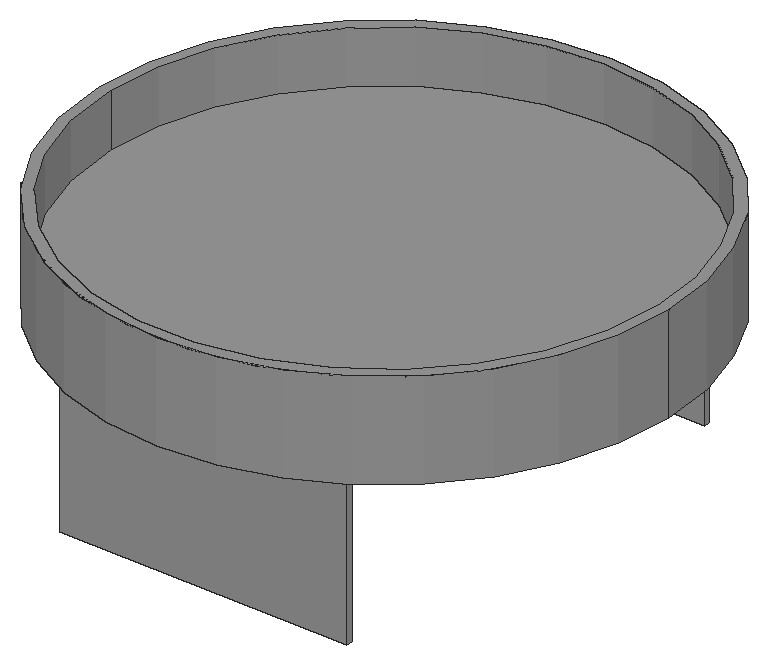
Revit family "Nivellierbare Kassette für Revisionsöffnung, RKRNUZD3, 20-25, 4", category Generic Models, Revit 2015
Parameters (values of type "RKRN2UZD3R4VS20")
  URL = "http://www.obo-bettermann.com"
  Material = Stainless Steel, Polished
  Manufacturer Art.No. = "7409138"
  Manufacturer = "OBO Bettermann"
  Height 1 = 36.5 mm
  Height = 94 mm
  GTIN = "4012195868545"
  Diameter 1 = 206 mm
  Diameter = 214 mm
  Cut depth = 20 mm
  Article Type = "RKRN2UZD3R4VS20"
Types (5, lengths in mm): name | Material | Manufacturer Art.No. | GTIN | Diameter 1 | Cut depth | Article Type
  (no name) | Stainless Steel, Polished | "7409138" | "4012195868545" | 206 | 20 | "RKRN2UZD3R4VS20"
  RKRN2UZD3R4VS20 | Stainless Steel, Polished | "7409138" | "4012195868545" | 206 | 20 | "RKRN2UZD3R4VS20"
  RKRN2UZD3R4VS25 | Stainless Steel | "7409140" | "4012195868552" | 205.5 | 25 | "RKRN2UZD3R4VS25"
  RKRN2UZD3R4MS20 | Brass, Soft Yellow, Welded | "7409132" | "4012195868491" | 205.5 | 20 | "RKRN2UZD3R4MS20"
  RKRN2UZD3R4MS25 | Brass, Soft Yellow, Welded | "7409134" | "4012195868507" | 205.5 | 25 | "RKRN2UZD3R4MS25"
Reference planes
  plane 1 "Center (Front/Back)": y = 0
  plane 2: z = 0
  plane 3 "Center (Left/Right)": x = 0
  plane 4: z = 57.5
  plane 5: y = 99.5
  plane 6: y = -99.5
  plane 7: z = 94
  plane 8: z = 74
Forms (mm)
  Extrusion 1, solid, material "Stainless Steel, Polished" <- "Material"
    sketch origin (0, 0, 0) x (1, 0, 0) y (0, 1, 0)
      loop
        line (-54, 85) -> (-54, 83) -> (54, 83) -> (54, 85) -> (-54, 85)
      loop
        line (-54, -83) -> (-54, -85) -> (54, -85) -> (54, -83) -> (-54, -83)
    from 0 to 57.5
  Extrusion 2, solid, material "Stainless Steel, Polished" <- "Material"
    sketch origin (0, 0, 0) x (1, 0, 0) y (0, 1, 0)
      loop
        circle (0, 0) r 107
    from 57.5 to 94
  Extrusion 3, void
    sketch origin (0, 0, 0) x (1, 0, 0) y (0, 1, 0)
      loop
        circle (0, 0) r 103
    from 74 to 94
Cuts and joins
  Extrusion 3 cuts Extrusion 1
  Extrusion 3 cuts Extrusion 2
Dimensions and locks
  "Height 1": plane 7 to plane 4
  locked: Extrusion 1 sketch curve to Extrusion 1 sketch curve at 108  (x2)
  locked: Extrusion 1 sketch curve to Extrusion 1 sketch curve at 2  (x2)
  "Cut depth": plane 7 to plane 8
  locked: plane 5 to plane 6 at 199
  equal spacing: plane 5, plane 1 "Center (Front/Back)", plane 6, locked at 99.5 each
  equal spacing: Extrusion 1 sketch curve, plane 3 "Center (Left/Right)", Extrusion 1 sketch curve, locked at 54 each  (x2)
  locked: Extrusion 1 sketch curve to Extrusion 1 sketch curve at 166
  equal spacing: Extrusion 1 sketch curve, plane 1 "Center (Front/Back)", Extrusion 1 sketch curve, locked at 83 each
  "Height": plane 7 to level
  "Diameter": diameter of Extrusion 2 sketch curve
  "Diameter 1": diameter of Extrusion 3 sketch curve
  aligned and locked: level to plane 2
  aligned and locked: plane 7 to Extrusion 2
  aligned and locked: cut or joined group of Extrusion 2, Extrusion 3 to Extrusion 3
  aligned and locked: Extrusion 3 to plane 8
  aligned and locked: Extrusion 1 to level
  aligned and locked: plane 4 to Extrusion 1
  aligned and locked: Extrusion 2 to plane 4
Automatic sketch dimensions
  plane 1 "Center (Front/Back)" to Extrusion 3 sketch curve = 0 mm
  Extrusion 3 sketch curve to plane 3 "Center (Left/Right)" = 0 mm
  plane 1 "Center (Front/Back)" to Extrusion 2 sketch curve = 0 mm
  Extrusion 2 sketch curve to plane 3 "Center (Left/Right)" = 0 mm
